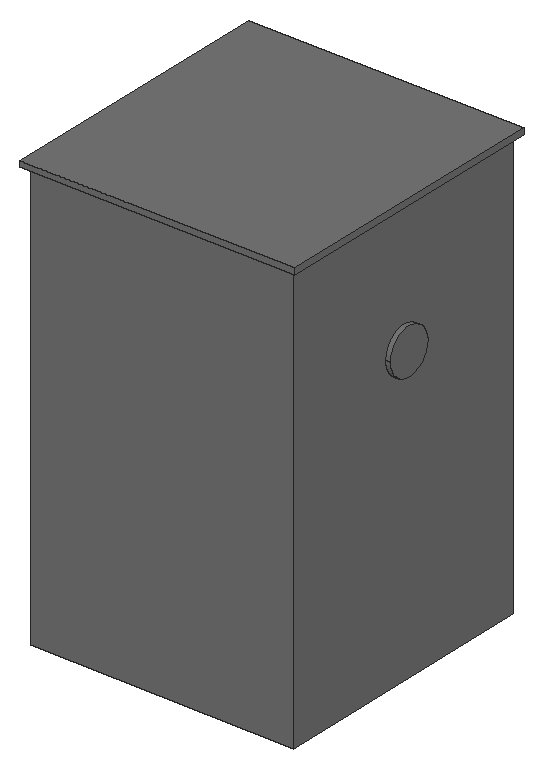
Revit family
Parameters (values of type "8811-020")
  Width = 24"
  Weight (lb) = 249
  Waste Connection = no
  Warranty = "1 year material and workmanship"  # constant formula
  Vent Connection = no
  URL = "http://www.jrsmith.com"
  Technical and Installation = "http://www.jrsmith.com/products/inter/tech_data_index.htm"
  SmartBIM Object Version = 3  # constant formula
  SmartBIM Object Created By = "Reed Construction Data"  # constant formula
  Product URL = "http://www.jrsmith.com/products/inter/submittal/d8811.pdf"
  OmniClass Title = "Fats, Oils, and Grease Disposal Systems"  # constant formula
  OmniClass Code = "22-22 13 19 13"  # constant formula
  No.Of 12x24 Grates = "2"
  Model = "8811"  # constant formula
  Material Finish = Duco coated
  Material = Alluminum Paint Dark Gray
  Manufacturer = "Jay R. Smith Mfg. Co. "  # constant formula
  HW Connection = no
  GPM Flow Max = "20"
  Free Area(Sq In) = ""
  Description = "Sand Interceptor"  # constant formula
  Depth = 24"
  Default Elevation = 48"
  CW Connection = no
  Assembly Code = "D2030400"
  Outlet Radius = Outlet Diameter / 2  # 2"
  Outlet Diameter = 4"
  Inlet Radius = Inlet Diameter / 2  # 2"
  Inlet Diameter = 4"
  Height = 26"
  95 CSI = "15155"  # constant formula
  04 CSI = "22 13 29"  # constant formula
Types (6): name | Width | Weight (lb) | No.Of 12x24 Grates | GPM Flow Max | Depth | Outlet Radius | Outlet Diameter | Inlet Radius | Inlet Diameter | Height
  (no name) | 24" | 249 | "2" | "20" | 24" | 2" | 4" | 2" | 4" | 26"
  8811-020 | 24" | 249 | "2" | "20" | 24" | 2" | 4" | 2" | 4" | 26"
  8811-050 | 24" | 427 | "4" | "50" | 48" | 2" | 4" | 2" | 4" | 26"
  8811-150 | 48" | 0 | "8" | "150" | 48" | 2" | 4" | 2" | 4" | 38"
  8811-250 | 48" | 1944 | "12" | "250" | 72" | 3" | 6" | 3" | 6" | 39"
  8811-500 | 48" | 3505 | "20" | "500" | 120" | 3" | 6" | 3" | 6" | 51"
Reference planes (in)
  plane 1 "Center (Front/Back)": y = -13.36143
  plane 2: z = 0
  plane 3 "Center (Left/Right)": x = -15.77936
  plane 4: x = -27.77936
  plane 5: x = -3.77936
  plane 6: z = 38
  plane 7: y = -1.36143
  plane 8: y = -25.36143
  plane 9: z = 37.5
  plane 10: x = -27.27936
  plane 11: z = 0.25
  plane 12: z = 26
  plane 13: x = -4.27936
  plane 14: y = 7.01357
Forms (in)
  Sweep 1, solid, material "Alluminum Paint Dark Gray" <- "Material"
    path origin (0, 0, 0) x (1, 0, 0) y (0, 1, 0)
      loop
        line (-27.27936, -25.36143) -> (-4.27936, -25.36143) -> (-4.27936, -1.36143) -> (-27.27936, -1.36143) -> (-27.27936, -25.36143)
    profile origin (-27.27936, -13.36143, 0) x (-1, 0, 0) y (0, 0, 1)
      loop
        line (0.5, 37.5) -> (0.5, 38) -> (0.25, 38) -> (-0.25, 38) -> (-0.25, 0) -> (0, 0) -> (0, 37.5) -> (0.5, 37.5)
  Extrusion 2, solid, material "Alluminum Paint Dark Gray"
    sketch origin (0, 0, 0) x (1, 0, 0) y (0, 1, 0)
      loop
        line (-27.02936, -1.61143) -> (-27.02936, -25.11143) -> (-4.52936, -25.11143) -> (-4.52936, -1.61143) -> (-27.02936, -1.61143)
    from 0 to 0.25
  Extrusion 3, solid, material "Alluminum Paint Dark Gray" <- "Material"
    sketch origin (-15.77936, 0, 0) x (0, 1, 0) y (0, 0, 1)
      loop
        circle (-13.36143, 26) r 2
    from 11.5 to 12
  Extrusion 4, solid, material "Alluminum Paint Dark Gray" <- "Material"
    sketch origin (-15.77936, 0, 0) x (0, 1, 0) y (0, 0, 1)
      loop
        circle (-13.36143, 26) r 2
    from -12 to -11.5
  Extrusion 5, solid, material "Alluminum Paint Dark Gray" <- "Material"
    sketch origin (0, 0, 0) x (1, 0, 0) y (0, 1, 0)
      loop
        line (-27.02936, -25.11143) -> (-4.52936, -25.11143) -> (-4.52936, -1.61143) -> (-27.02936, -1.61143) -> (-27.02936, -25.11143)
    from 37.5 to 38
Cuts and joins
  joined: Sweep 1, Extrusion 5
Dimensions and locks (in)
  equal spacing: plane 4, plane 3 "Center (Left/Right)", plane 5
  "Depth": plane 4 to plane 5
  equal spacing: plane 7, plane 1 "Center (Front/Back)", plane 8
  "Width": plane 7 to plane 8
  locked: plane 11 to level at 0.25
  "Height": plane 12 to level
  locked: plane 5 to plane 13 at 0.5
  locked: plane 4 to plane 10 at 0.5
  locked: plane 6 to plane 9 at 0.5
  locked: plane 6 to plane 12 at 12
  "Outlet Radius": radius of Extrusion 3 sketch curve
  "Inlet Radius": radius of Extrusion 4 sketch curve
  radius of Extrusion 3 sketch curve = 2"  (x2)
  aligned and locked: plane 4 to Sweep 1 sketch curve
  aligned and locked: Sweep 1 sketch curve to plane 9
  aligned and locked: plane 10 to Sweep 1 sketch curve
  aligned and locked: level to Sweep 1 sketch curve
  aligned and locked: plane 6 to Sweep 1 sketch curve  (x2)
  aligned and locked: Sweep 1 sketch curve to plane 7
  aligned and locked: plane 8 to Sweep 1 sketch curve
  aligned and locked: Extrusion 2 sketch curve to Sweep 1  (x4)
  aligned and locked: level to Extrusion 2
  aligned and locked: plane 11 to Extrusion 2
  aligned and locked: plane 1 "Center (Front/Back)" to Extrusion 3 sketch curve
  aligned and locked: plane 12 to Extrusion 3 sketch curve
  aligned and locked: Extrusion 3 to plane 13
  aligned and locked: Extrusion 3 to plane 5
  aligned and locked: plane 12 to Extrusion 4 sketch curve
  aligned and locked: plane 1 "Center (Front/Back)" to Extrusion 4 sketch curve
  aligned and locked: plane 4 to Extrusion 4
  aligned and locked: Extrusion 4 to plane 10
  aligned and locked: Extrusion 5 sketch curve to Sweep 1  (x4)
  aligned and locked: Extrusion 5 to plane 9
  aligned and locked: plane 6 to Extrusion 5
Automatic sketch dimensions
  Sweep 1 sketch curve to plane 10 = 0"
  Sweep 1 sketch curve to level = 0"
  profile plane to Sweep 1 sketch curve = 1/4"
  Sweep 1 sketch curve to Sweep 1 sketch curve = 1/4"
  Sweep 1 sketch curve to Sweep 1 sketch curve = 0"
  Sweep 1 sketch curve to plane 13 = 0"
Connectors (in)
  hvac at (-3.77936, -13.36143, 26), driven by "Outlet Radius"
    settings: on Extrusion 3, index 1
  hvac at (-27.77936, -13.36143, 26), driven by "Outlet Radius"
    settings: on Extrusion 4, index 2
